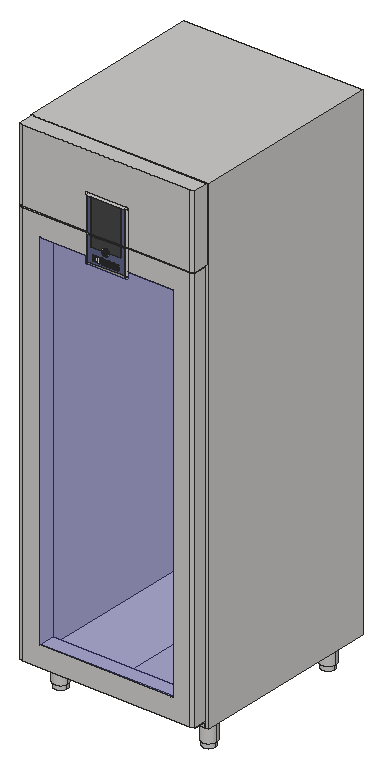
Revit family "QF_ELECTROLUXPROFESSIONAL_727964_ESP71GFC", category Specialty Equipment, Revit 2018
Family settings
  Round Connector Dimension = Use Diameter
  Part Type = Normal
  Work Plane-Based = No
  Always vertical = Yes
  Cut with Voids When Loaded = No
  Shared = No
  Room Calculation Point = No
Parameters (values of type "Standard")
  Weight = 107.00 kg
  Watts = 0 W
  Volts = 220 V
  URL Manufacturer = "http://professional.electrolux.com"
  URL = "http://professional.electrolux.com"
  Steam Supply Size = 0 mm
  Steam Supply Minimum Pressure = 0.0 Pa
  Steam Supply Maximum Pressure = 0.0 Pa
  Steam Pounds per Hour = 0
  Refrigeration Suction Line Size = 0 mm
  Refrigeration Liquid Line Size = 0 mm
  Refrigerant Compressor Remote = yes
  Manufacturer = "Electrolux Professional"
  Phase = 1
  Model = "ESP71GFC"
  Length Actual = 710 mm  # constant formula
  Item Number = "727964"
  Hot Water Size = 0 mm
  Height Actual = 2050 mm  # constant formula
  HP = "0.8 HP"
  Gas Size = 0 mm
  Gas KW = 0
  Gas Input Pressure = 0 W
  Direct Waste Size = 0 mm
  Description = "1-GLASS DOOR FREEZER 670L -20-15°C, DIGITAL-R290"
  Depth Actual = 835 mm  # constant formula
  Cycle = 50 Hz
  Condensate Return Size = 0 mm
  Compressed Air Volume = 0.0 L/s
  Compressed Air Size = 0 mm
  Compressed Air Pressure = 0.0 Pa
  Cold Water Size = 0 mm
  Accessory = yes
Reference planes
  plane 1 "Center (Front/Back)": y = 0
  plane 2: z = 0
  plane 3 "Center (Left/Right)": x = 0
  plane 4 "BASE": z = 110
  plane 5 "TOP": z = 2050
  plane 6 "FRONT": y = -417.5
  plane 7 "BACK": y = 417.5
  plane 8 "LEFT": x = -355
  plane 9 "RIGHT": x = 355
Forms (mm)
  Extrusion 1, solid, material "QF_Finishes_Stainless Steel"
    sketch origin (0, 0, 0) x (1, 0, 0) y (0, 1, 0)
      loop
        circle (-278, 344.5) r 25
      loop
        circle (278, 344.5) r 25
      loop
        circle (-295, -269.5) r 25
      loop
        circle (295, -269.5) r 25
    from 0 to 20
  Extrusion 2, solid, material "QF_Finishes_Stainless Steel"
    sketch origin (0, 0, 0) x (1, 0, 0) y (0, 1, 0)
      loop
        circle (-278, 344.5) r 30
      loop
        circle (278, 344.5) r 30
      loop
        circle (295, -269.5) r 30
      loop
        circle (-295, -269.5) r 30
    from 20 to 110
  Extrusion 3, solid, material "QF_Finishes_Stainless Steel"
    sketch origin (0, 0, 110) x (-1, 0, 0) y (0, -1, 0)
      loop
        line (355, -417.5) -> (355, 345.5) -> (-355, 345.5) -> (-355, -417.5) -> (355, -417.5)
    from 0 to 1940
  Extrusion 4, solid
    sketch origin (0, 417.5, 1660) x (-1, 0, 0) y (0, 0, 1)
      loop
        circle (339, 124) r 10
    from 0 to 3.2
  Extrusion 5, solid, material "QF_Door-Drawer Clearances", detail levels coarse
    sketch origin (0, 0, 110) x (-1, 0, 0) y (0, -1, 0)
      loop
        line (-345, 409.5) -> (-283, 409.5) -> (-283, 1006.5) -> (-301, 1006.5) -> (-301, 1024.5) -> (-323, 1024.5) -> (-323, 1062.5) -> (-345, 1062.5) -> (-345, 409.5)
    from 1642.965 to 28
  Extrusion 6, solid, material "QF_Door-Drawer Clearances", detail levels coarse
    sketch origin (0, 0, 110) x (-1, 0, 0) y (0, -1, 0)
      loop
        line (-283, 409.5) -> (347, 409.5)
        arc (347, 409.5) -> (150.684, 878.295) -> (-323, 1062.5) r 650
        line (-323, 1062.5) -> (-323, 1024.5) -> (-301, 1024.5) -> (-301, 1006.5) -> (-283, 1006.5) -> (-283, 409.5)
    from 1642.965 to 28
  Extrusion 7, solid, material "QF_Clearances", detail levels coarse
    sketch origin (0, 0, 110) x (-1, 0, 0) y (0, -1, 0)
      loop
        line (355, 417.5) -> (355, -417.5) -> (-355, -417.5) -> (-355, 417.5) -> (-375, 417.5) -> (-375, -447.5) -> (375, -447.5) -> (375, 417.5) -> (355, 417.5)
    from -110 to 1940
  Extrusion 8, solid, material "QF_Clearances", detail levels coarse
    sketch origin (0, 0, 2050) x (-1, 0, 0) y (0, -1, 0)
      loop
        line (375, -447.5) -> (375, 417.5) -> (-375, 417.5) -> (-375, -447.5) -> (375, -447.5)
    from 0 to 500
  Extrusion 9, void
    sketch origin (0, 417.5, 0) x (-1, 0, 0) y (0, 0, 1)
      loop
        line (280, 1724.965) -> (-280, 1724.965) -> (-280, 180) -> (0, 170) -> (280, 179.676) -> (280, 1724.965)
    from -56 to -763
  Extrusion 10, solid, material "QF_Finishes_Stainless Steel"
    sketch origin (0, 0, 110) x (-1, 0, 0) y (0, -1, 0)
      loop
        circle (0, 254.5) r 7.938
    from 0 to -10
Cuts and joins
  joined: Extrusion 7, Extrusion 8
  Extrusion 9 cuts Extrusion 3
Lines and regions (mm)
  symbolic lines, style "SpecialityEquipmentHiddenLines"
    curve 1: line (345, -409.5, 110) -> (345, -1062.5, 110)
    curve 2: line (345, -1062.5, 110) -> (323, -1062.5, 110)
    curve 3: line (283, -409.5, 110) -> (283, -1006.5, 110)
    curve 4: line (323, -1062.5, 110) -> (323, -1024.5, 110)
    curve 5: line (323, -1024.5, 110) -> (301, -1024.5, 110)
    curve 6: line (301, -1024.5, 110) -> (301, -1006.5, 110)
    curve 7: line (301, -1006.5, 110) -> (283, -1006.5, 110)
    curve 8: arc (-347, -409.5, 110) -> (-150.684, -878.295, 110) -> (323, -1062.5, 110) r 650
  symbolic lines, style "QF_Clearances", detail levels coarse
    curve 9: line (-355, -417.5, 2050) -> (-375, -417.5, 2050)
    curve 10: line (-375, -417.5, 2050) -> (-375, 447.5, 2050)
    curve 11: line (-375, 447.5, 2050) -> (375, 447.5, 2050)
    curve 12: line (375, 447.5, 2050) -> (375, -417.5, 2050)
    curve 13: line (375, -417.5, 2050) -> (355, -417.5, 2050)
  symbolic lines
    curve 14: line (355, 417.5, 110) -> (-355, 417.5, 110)
    curve 15: line (355, -345.5, 110) -> (355, 417.5, 110)
    curve 16: line (-355, -345.5, 110) -> (355, -345.5, 110)
    curve 17: line (-355, 417.5, 110) -> (-355, -345.5, 110)
Dimensions and locks
  equal spacing: plane 7 "BACK", plane 1 "Center (Front/Back)", plane 6 "FRONT"
  equal spacing: plane 8 "LEFT", plane 3 "Center (Left/Right)", plane 9 "RIGHT"
  plane 8 "LEFT" to plane 9 "RIGHT" = 710 mm
  plane 7 "BACK" to plane 6 "FRONT" = 835 mm
  plane 5 "TOP" to plane 2 = 2050 mm
  aligned and locked: level to plane 2
Automatic sketch dimensions
  Extrusion 3 sketch curve to plane 7 "BACK" = 0 mm
  Extrusion 3 sketch curve to plane 9 "RIGHT" = 0 mm
  Extrusion 3 sketch curve to plane 8 "LEFT" = 0 mm
  plane 8 "LEFT" to Extrusion 4 sketch curve = 16 mm
  plane 4 "BASE" to Extrusion 4 sketch curve = 1674 mm
  plane 9 "RIGHT" to Extrusion 5 sketch curve = 10 mm
  Extrusion 5 sketch curve to plane 6 "FRONT" = 589 mm
  Extrusion 5 sketch curve to Extrusion 5 sketch curve = 18 mm
  Extrusion 5 sketch curve to Extrusion 5 sketch curve = 38 mm
  plane 6 "FRONT" to Extrusion 5 sketch curve = 8 mm
  plane 6 "FRONT" to Extrusion 6 sketch curve = 4.692 mm
  Extrusion 6 sketch curve to Extrusion 6 sketch curve = 18 mm  (x2)
  Extrusion 6 sketch curve to Extrusion 6 sketch curve = 38 mm
  plane 8 "LEFT" to Extrusion 6 sketch curve = 8 mm
  plane 6 "FRONT" to Extrusion 6 sketch curve = 8 mm
  Extrusion 7 sketch curve to plane 6 "FRONT" = 0 mm  (x2)
  Extrusion 7 sketch curve to plane 7 "BACK" = 0 mm
  Extrusion 7 sketch curve to plane 9 "RIGHT" = 0 mm
  Extrusion 7 sketch curve to plane 8 "LEFT" = 0 mm
  Extrusion 7 sketch curve to plane 9 "RIGHT" = 20 mm
  Extrusion 7 sketch curve to plane 8 "LEFT" = 20 mm
  plane 7 "BACK" to Extrusion 7 sketch curve = 30 mm
  Extrusion 8 sketch curve to plane 6 "FRONT" = 0 mm
  Extrusion 8 sketch curve to plane 9 "RIGHT" = 20 mm
  Extrusion 8 sketch curve to plane 8 "LEFT" = 20 mm
  plane 7 "BACK" to Extrusion 8 sketch curve = 30 mm
  plane 8 "LEFT" to Extrusion 1 sketch curve = 60 mm
  plane 8 "LEFT" to Extrusion 1 sketch curve = 77 mm
  plane 9 "RIGHT" to Extrusion 1 sketch curve = 77 mm
  plane 9 "RIGHT" to Extrusion 1 sketch curve = 60 mm
  plane 6 "FRONT" to Extrusion 1 sketch curve = 148 mm  (x2)
  Extrusion 1 sketch curve to plane 7 "BACK" = 73 mm  (x2)
  plane 8 "LEFT" to Extrusion 2 sketch curve = 60 mm
  plane 8 "LEFT" to Extrusion 2 sketch curve = 77 mm
  plane 9 "RIGHT" to Extrusion 2 sketch curve = 77 mm
  plane 9 "RIGHT" to Extrusion 2 sketch curve = 60 mm
  plane 6 "FRONT" to Extrusion 2 sketch curve = 148 mm  (x2)
  Extrusion 2 sketch curve to plane 7 "BACK" = 73 mm  (x2)
  plane 6 "FRONT" to Extrusion 3 sketch curve = 72 mm
  plane 9 "RIGHT" to Extrusion 5 sketch curve = 32 mm
  Extrusion 5 sketch curve to Extrusion 5 sketch curve = 22 mm
  Extrusion 5 sketch curve to Extrusion 5 sketch curve = 62 mm
  plane 9 "RIGHT" to Extrusion 6 sketch curve = 72 mm
  Extrusion 6 sketch curve to Extrusion 6 sketch curve = 19.992 mm
  Extrusion 6 sketch curve to Extrusion 6 sketch curve = 22 mm
  curve 13 to plane 6 "FRONT" = 0 mm
  curve 13 to plane 9 "RIGHT" = 0 mm
  curve 9 to plane 6 "FRONT" = 0 mm
  curve 9 to plane 8 "LEFT" = 0 mm
  curve 12 to plane 9 "RIGHT" = 20 mm
  curve 9 to curve 9 = 20 mm
  plane 7 "BACK" to curve 12 = 30 mm
  Extrusion 10 sketch curve to plane 3 "Center (Left/Right)" = 0 mm
  plane 6 "FRONT" to Extrusion 10 sketch curve = 163 mm
  Extrusion 9 sketch curve to plane 3 "Center (Left/Right)" = 0 mm
  plane 8 "LEFT" to Extrusion 9 sketch curve = 75 mm
  plane 4 "BASE" to Extrusion 9 sketch curve = 60 mm
  plane 4 "BASE" to Extrusion 9 sketch curve = 69.676 mm
  Extrusion 9 sketch curve to plane 5 "TOP" = 325.035 mm
  plane 9 "RIGHT" to Extrusion 9 sketch curve = 75 mm
  Extrusion 9 sketch curve to Extrusion 9 sketch curve = 0.324 mm
  curve 15 to plane 7 "BACK" = 0 mm
  curve 15 to plane 9 "RIGHT" = 0 mm
  curve 16 to plane 8 "LEFT" = 0 mm
  plane 9 "RIGHT" to curve 2 = 10 mm
  plane 9 "RIGHT" to curve 5 = 32 mm
  plane 6 "FRONT" to curve 8 = 4.692 mm
  curve 1 to curve 8 = 42.008 mm
  curve 4 to curve 6 = 22 mm
  curve 6 to curve 7 = 18 mm
  plane 6 "FRONT" to curve 17 = 72 mm
  curve 7 to plane 6 "FRONT" = 589 mm
  curve 6 to curve 6 = 18 mm
  curve 4 to curve 2 = 38 mm
  plane 6 "FRONT" to curve 8 = 8 mm
  plane 6 "FRONT" to curve 3 = 8 mm
  plane 6 "FRONT" to curve 1 = 8 mm
  radius of Extrusion 1 sketch curve = 25 mm  (x4)
  radius of Extrusion 2 sketch curve = 30 mm  (x4)
  radius of Extrusion 4 sketch curve = 10 mm
  radius of Extrusion 10 sketch curve = 7.938 mm
Nested families
  nested 1: "QF_727964_Door" at (0, -345.5, 968.365) x (1, 0, 0) z (0, -1, 0), type "QF_727964_Door"
    with Show Clearance yes
  nested 2: "Freezer" at (355, -417.5, 110), type "Freezer"
Connectors
  electrical at (-339, 420.7, 1784), driven by "Volts"
    settings: on Extrusion 4, index 2, voltage 220 V, apparent load 0 VA, apparent load phase1 0 VA, apparent load phase2 0 VA, apparent load phase3 0 VA, power factor 1, load classification "Other", number of poles 1, system type 30, power factor state 1, is connector primary yes, connector utility no, sub classification motor no, connector description "Electrical Connection"
  piping at (0, -254.5, 100), diameter 15.875
    settings: on Extrusion 10, index 3, connector inside diameter 609.6 mm, connector length 0 mm, flow factor 0, pipe flow 0.0 L/s, pressure drop 0.0 Pa, fitting loss kfactor 0, connector angle 0.00°, fixture units 0, engagement length 0 mm, angle of deflection 0.00°, flow configuration 1, flow direction 2, fitting loss method 0, system type 16, joint type 0, gender type 0, connector reference index -1, connector utility 0, adjustable connector no, is connector primary yes, connector description "Drain"
Definition of nested family "QF_727964_Door"
  Parameters
    Show Clearance [instance] = yes
    Model = "729040"
    Default Elevation = 0 mm
  Reference planes
    plane 1 "Center (Front/Back)": y = 0
    plane 2: z = 0
    plane 3 "Center (Left/Right)": x = 0
  Forms (mm)
    Extrusion 1, solid
      sketch origin (0, -919.2, 0) x (1, 0, 0) y (0, 1, 0)
        loop
          line (-460, 2119.2) -> (-460, -162.846) -> (488.967, -162.846) -> (488.967, 2119.2) -> (-460, 2119.2)
      from 0 to -59.546
    Extrusion 2, solid
      sketch origin (0, 0, 0) x (1, 0, 0) y (0, 0, 1)
        loop
          line (-347, 60) -> (-347, 0) -> (347, 0) -> (347, 60) -> (332, 64) -> (-332, 64) -> (-347, 60)
      from -1081.6 to -791.6
    Extrusion 3, solid
      sketch origin (0, 0, 0) x (1, 0, 0) y (0, 0, 1)
        loop
          line (-347, 60) -> (-347, 26) -> (-325, 26) -> (-325, 8) -> (-307, 8) -> (-307, 0) -> (339, 0) -> (339, 8) -> (347, 8) -> (347, 60) -> (332, 64) -> (-332, 64) -> (-347, 60)
      from -784.6 to 830.4
    Extrusion 4, solid
      sketch origin (119, -516.365, 0) x (0, 1, 0) y (0, 0, 1)
        loop
          line (-323.003, 40.312) -> (-316.501, 40.312) -> (-316.501, 42.812) -> (-325.503, 42.812) -> (-325.503, 2.5) -> (-342, 2.5) -> (-342, 0) -> (-323.003, 0) -> (-323.003, 12.259) -> (-323.003, 40.312)
        loop
          line (-314, 38.311) -> (-316.501, 38.311) -> (-316.501, 14.304) -> (-319.752, 14.304) -> (-319.752, 11.804) -> (-314, 11.804) -> (-314, 38.311)
      from 185 to 220
    Extrusion 5, solid
      sketch origin (119, 469.597, 0) x (0, 1, 0) y (0, 0, 1)
        loop
          line (315.003, 27.948) -> (315.003, 2.948) -> (315.003, 0) -> (322.003, 0) -> (322.003, 2.5) -> (317.503, 2.5) -> (317.503, 27.948) -> (315.003, 27.948)
      from 185 to 220
    Extrusion 6, void
      sketch origin (0, 0, 0) x (1, 0, 0) y (0, 1, 0)
        loop
          line (267, -750.4) -> (267, 704.6) -> (-267, 704.6) -> (-267, -750.4) -> (267, -750.4)
      from 0 to 64
    Extrusion 7, solid
      sketch origin (0, 0, 0) x (1, 0, 0) y (0, 1, 0)
        loop
          line (267, 704.6) -> (-267, 704.6) -> (-267, -750.4) -> (267, -750.4) -> (267, 704.6)
      from 60 to 64
  Cuts and joins
    Extrusion 6 cuts Extrusion 3
  Lines and regions (mm)
    symbolic lines
      curve 1: line (-332, 0, 64) -> (332, 0, 64)
      curve 2: line (-347, 0, 0) -> (-347, 0, 60)
      curve 3: line (347, 0, 0) -> (-347, 0, 0)
      curve 4: line (347, 0, 60) -> (347, 0, 0)
      curve 5: line (-347, 0, 26) -> (-325, 0, 26)
      curve 6: line (-325, 0, 26) -> (-325, 0, 8)
      curve 7: line (-325, 0, 8) -> (-307, 0, 8)
      curve 8: line (-307, 0, 8) -> (-307, 0, 0)
      curve 9: line (339, 0, 8) -> (347, 0, 8)
      curve 10: line (339, 0, 8) -> (339, 0, 0)
      curve 11: line (-332, 0, 64) -> (-347, 0, 60)
      curve 12: line (332, 0, 64) -> (347, 0, 60)
  Dimensions and locks
    aligned and locked: plane 2 to Extrusion 1
    aligned and locked: level to Extrusion 1
  Nested families
    nested 1: "QF_DisplayPremiumCabinets" at (0, 803.6, 64), type "QF_DisplayPremiumCabinets"
      with Show Clearance yes
  Definition of nested family "QF_DisplayPremiumCabinets"
    Parameters
      Show Clearance [instance] = yes
      Model = "728658"
      Default Elevation = 1219.2 mm
    Reference planes
      plane 1 "Center (Front/Back)": y = 0
      plane 2: z = 0
      plane 3 "Center (Left/Right)": x = 0
    Forms (mm)
      Extrusion 1, solid
        sketch origin (0, -919.2, 0) x (1, 0, 0) y (0, 1, 0)
          loop
            line (-980.5, 2119.2) -> (-980.5, -162.846) -> (881.94, -162.846) -> (881.94, 2119.2) -> (-980.5, 2119.2)
        from 0 to -59.546
      Extrusion 2, solid
        sketch origin (-0.611, 0, 0) x (1, 0, 0) y (0, 1, 0)
          loop
            circle (0.611, -59) r 14
        from 5 to 7
      Extrusion 3, solid
        sketch origin (364.889, -803.635, 0) x (1, 0, 0) y (0, 1, 0)
          loop
            circle (-364.889, 744.635) r 10
          loop
            circle (-364.889, 744.635) r 9
        from 5 to 8
      Extrusion 4, solid
        sketch origin (364.889, -803.635, 0) x (1, 0, 0) y (0, 1, 0)
          loop
            circle (-364.889, 744.635) r 8.7
        from 5 to 8
      Extrusion 5, void
        sketch origin (-744.647, -424.488, 0) x (0, -1, 0) y (1, 0, 0)
          loop
            line (-372.339, 745.885) -> (-372.339, 743.385) -> (-362.339, 743.385) -> (-362.339, 745.885) -> (-372.339, 745.885)
        from 8.592 to 6.269
      Extrusion 6, solid
        sketch origin (365.5, -803.635, 0) x (1, 0, 0) y (0, 1, 0)
          loop
            line (-380.472, 718.596) -> (-387.909, 718.596) -> (-387.909, 709.937)
            arc (-387.909, 709.937) -> (-386.93, 707.574) -> (-384.567, 706.595) r 3.341
            line (-384.567, 706.595) -> (-380.329, 706.595) -> (-380.329, 708.538) -> (-384.084, 708.538)
            arc (-384.084, 708.538) -> (-385.317, 708.955) -> (-385.843, 710.147) r 1.615
            line (-385.843, 710.147) -> (-385.843, 711.864) -> (-380.794, 711.864) -> (-380.794, 713.813) -> (-385.843, 713.813) -> (-385.843, 716.652) -> (-380.472, 716.652) -> (-380.472, 718.596)
          loop
            line (-378.861, 718.596) -> (-378.861, 706.595) -> (-376.794, 706.595) -> (-376.794, 718.596) -> (-378.861, 718.596)
          loop
            line (-333.968, 718.596) -> (-333.968, 706.595) -> (-331.9, 706.595) -> (-331.9, 718.596) -> (-333.968, 718.596)
          loop
            line (-373.376, 710.427) -> (-366.593, 710.427)
            arc (-366.593, 710.427) -> (-367.654, 714.154) -> (-371.282, 715.512) r 4.298
            arc (-371.282, 715.512) -> (-374.477, 713.892) -> (-375.389, 710.427) r 4.373
            arc (-375.389, 710.427) -> (-374.189, 707.53) -> (-371.292, 706.33) r 4.097
            arc (-371.292, 706.33) -> (-369.037, 706.663) -> (-367.147, 707.936) r 5.15
            line (-367.147, 707.936) -> (-368.371, 709.16)
            arc (-368.371, 709.16) -> (-369.978, 708.196) -> (-371.846, 708.358) r 3.039
            arc (-371.846, 708.358) -> (-372.985, 709.116) -> (-373.376, 710.427) r 2.013
          loop
            line (-373.324, 711.881) -> (-368.669, 711.881)
            arc (-368.669, 711.881) -> (-369.323, 713.255) -> (-370.758, 713.761) r 1.983
            arc (-370.758, 713.761) -> (-372.414, 713.33) -> (-373.324, 711.881) r 2.321
          loop
            line (-358.536, 712.746) -> (-357.238, 714.044)
            arc (-357.238, 714.044) -> (-358.865, 715.222) -> (-360.843, 715.574) r 4.497
            arc (-360.843, 715.574) -> (-363.86, 714.472) -> (-365.443, 711.677) r 4.652
            arc (-365.443, 711.677) -> (-362.774, 706.778) -> (-357.311, 707.907) r 4.684
            line (-357.311, 707.907) -> (-358.602, 709.198)
            arc (-358.602, 709.198) -> (-361.388, 708.276) -> (-363.383, 710.427) r 2.714
            arc (-363.383, 710.427) -> (-363.244, 712.128) -> (-362.073, 713.37) r 2.578
            arc (-362.073, 713.37) -> (-360.199, 713.656) -> (-358.536, 712.746) r 2.961
          loop
            line (-355.968, 718.596) -> (-355.968, 710.395)
            arc (-355.968, 710.395) -> (-355.789, 709.165) -> (-355.329, 708.01) r 5.301
            arc (-355.329, 708.01) -> (-353.854, 706.837) -> (-351.985, 706.59) r 3.531
            line (-351.985, 706.59) -> (-351.985, 708.527)
            arc (-351.985, 708.527) -> (-352.541, 708.569) -> (-353.059, 708.774) r 1.862
            arc (-353.059, 708.774) -> (-353.723, 709.477) -> (-353.901, 710.427) r 1.713
            line (-353.901, 710.427) -> (-353.901, 713.397) -> (-352.024, 713.397) -> (-352.024, 715.275) -> (-353.901, 715.275) -> (-353.901, 718.596) -> (-355.968, 718.596)
          loop
            arc (-348.234, 711.158) -> (-348.087, 712.023) -> (-347.66, 712.79) r 2.607
            arc (-347.66, 712.79) -> (-346.422, 713.426) -> (-345.031, 713.397) r 2.84
            line (-345.031, 713.397) -> (-345.031, 715.383)
            arc (-345.031, 715.383) -> (-346.848, 715.212) -> (-348.234, 714.023) r 3.016
            line (-348.234, 714.023) -> (-348.234, 715.275) -> (-350.285, 715.275) -> (-350.285, 706.595) -> (-348.234, 706.595) -> (-348.234, 711.158)
          loop
            circle (-339.976, 710.933) r 4.599
          loop
            circle (-339.976, 710.933) r 2.787
          loop
            arc (-324.445, 710.21) -> (-324.956, 708.807) -> (-326.34, 708.247) r 1.835
            arc (-326.34, 708.247) -> (-327.725, 708.807) -> (-328.235, 710.21) r 1.835
            line (-328.235, 710.21) -> (-328.235, 715.274) -> (-330.32, 715.274) -> (-330.32, 710.038)
            arc (-330.32, 710.038) -> (-329.133, 707.334) -> (-326.34, 706.376) r 3.675
            arc (-326.34, 706.376) -> (-323.516, 707.363) -> (-322.362, 710.123) r 3.675
            line (-322.362, 710.123) -> (-322.362, 715.274) -> (-324.445, 715.274) -> (-324.445, 710.21)
          loop
            line (-321.112, 715.274) -> (-318.111, 711.199) -> (-321.409, 706.592) -> (-319.186, 706.592) -> (-316.998, 709.65) -> (-314.777, 706.592) -> (-312.569, 706.592) -> (-315.82, 711.246) -> (-312.847, 715.274) -> (-315.103, 715.274) -> (-317.005, 712.698) -> (-318.877, 715.274) -> (-321.112, 715.274)
          loop
            line (-386.746, 701.621) -> (-388.394, 701.621) -> (-388.394, 697.47) -> (-387.492, 697.47) -> (-387.492, 698.9) -> (-386.495, 698.9)
            arc (-386.495, 698.9) -> (-385.38, 700.375) -> (-386.746, 701.621) r 1.372
          loop
            arc (-386.535, 699.715) -> (-386.193, 700.249) -> (-386.535, 700.782) r 0.587
            line (-386.535, 700.782) -> (-387.492, 700.782) -> (-387.492, 699.715) -> (-386.535, 699.715)
          loop
            line (-380.234, 701.621) -> (-381.911, 701.621) -> (-381.911, 697.47) -> (-381.009, 697.47) -> (-381.009, 698.9) -> (-380.136, 698.9) -> (-379.539, 697.47) -> (-378.571, 697.47) -> (-379.387, 699.22)
            arc (-379.387, 699.22) -> (-378.996, 699.688) -> (-378.865, 700.283) r 1.281
            arc (-378.865, 700.283) -> (-379.277, 701.231) -> (-380.234, 701.621) r 1.37
          loop
            line (-381.009, 700.782) -> (-381.009, 699.715) -> (-380.051, 699.715)
            arc (-380.051, 699.715) -> (-379.71, 700.249) -> (-380.051, 700.782) r 0.587
            line (-380.051, 700.782) -> (-381.009, 700.782)
          loop
            circle (-373.272, 699.545) r 2.156
          loop
            circle (-373.272, 699.545) r 1.368
          loop
            line (-367.574, 701.62) -> (-367.574, 697.47) -> (-366.694, 697.47) -> (-366.694, 698.921) -> (-365.132, 698.921) -> (-365.132, 699.851) -> (-366.694, 699.851) -> (-366.694, 700.726) -> (-364.982, 700.726) -> (-364.982, 701.62) -> (-367.574, 701.62)
          loop
            line (-361.482, 701.62) -> (-361.482, 698.818)
            arc (-361.482, 698.818) -> (-361.1, 697.869) -> (-360.155, 697.474) r 1.327
            line (-360.155, 697.474) -> (-358.815, 697.474) -> (-358.815, 698.258) -> (-360.075, 698.258)
            arc (-360.075, 698.258) -> (-360.538, 698.641) -> (-360.629, 699.236) r 0.845
            line (-360.629, 699.236) -> (-358.971, 699.236) -> (-358.971, 700.02) -> (-360.629, 700.02) -> (-360.629, 700.837) -> (-358.856, 700.837) -> (-358.856, 701.62) -> (-361.482, 701.62)
          loop
            arc (-346.454, 701.095) -> (-347.003, 701.546) -> (-347.7, 701.689) r 1.485
            arc (-347.7, 701.689) -> (-348.343, 701.532) -> (-348.871, 701.133) r 1.645
            arc (-348.871, 701.133) -> (-348.969, 700.191) -> (-348.361, 699.464) r 1.217
            arc (-348.361, 699.464) -> (-347.85, 699.293) -> (-347.365, 699.059) r 4.201
            arc (-347.365, 699.059) -> (-347.058, 698.698) -> (-347.27, 698.274) r 0.43
            arc (-347.27, 698.274) -> (-347.662, 698.182) -> (-348.052, 698.281) r 0.846
            arc (-348.052, 698.281) -> (-348.389, 698.524) -> (-348.596, 698.885) r 0.983
            line (-348.596, 698.885) -> (-349.322, 698.546)
            arc (-349.322, 698.546) -> (-349.06, 698.042) -> (-348.639, 697.661) r 1.595
            arc (-348.639, 697.661) -> (-348.161, 697.457) -> (-347.644, 697.405) r 1.719
            arc (-347.644, 697.405) -> (-347.004, 697.532) -> (-346.428, 697.838) r 2.246
            arc (-346.428, 697.838) -> (-346.174, 698.515) -> (-346.305, 699.225) r 1.349
            arc (-346.305, 699.225) -> (-346.589, 699.553) -> (-346.952, 699.79) r 1.564
            arc (-346.952, 699.79) -> (-347.411, 699.994) -> (-347.881, 700.171) r 8.236
            arc (-347.881, 700.171) -> (-348.153, 700.593) -> (-347.76, 700.907) r 0.375
            arc (-347.76, 700.907) -> (-347.29, 700.794) -> (-346.928, 700.472) r 0.998
            line (-346.928, 700.472) -> (-346.454, 701.095)
          loop
            line (-342.646, 701.62) -> (-342.646, 697.474) -> (-341.794, 697.474) -> (-341.794, 701.62) -> (-342.646, 701.62)
          loop
            circle (-336.044, 699.547) r 1.29
          loop
            circle (-336.044, 699.547) r 2.154
          loop
            line (-330.323, 697.474) -> (-329.462, 697.474) -> (-329.462, 700.081) -> (-327.564, 697.474) -> (-326.736, 697.474) -> (-326.736, 701.62) -> (-327.597, 701.62) -> (-327.597, 698.934) -> (-329.494, 701.62) -> (-330.323, 701.62) -> (-330.323, 697.474)
          loop
            line (-322.436, 697.474) -> (-322.032, 698.368) -> (-320.498, 698.368) -> (-320.094, 697.474) -> (-319.178, 697.474) -> (-320.929, 701.62) -> (-321.729, 701.62) -> (-323.352, 697.474) -> (-322.436, 697.474)
          loop
            line (-320.881, 699.219) -> (-321.292, 700.13) -> (-321.691, 699.219) -> (-320.881, 699.219)
          loop
            line (-314.942, 698.258) -> (-314.942, 701.62) -> (-315.795, 701.62) -> (-315.795, 697.474) -> (-313.347, 697.474) -> (-313.347, 698.258) -> (-314.942, 698.258)
          loop
            arc (-352.671, 701.095) -> (-353.221, 701.546) -> (-353.917, 701.689) r 1.485
            arc (-353.917, 701.689) -> (-354.56, 701.532) -> (-355.089, 701.133) r 1.645
            arc (-355.089, 701.133) -> (-355.186, 700.191) -> (-354.579, 699.464) r 1.217
            arc (-354.579, 699.464) -> (-354.067, 699.293) -> (-353.582, 699.059) r 4.201
            arc (-353.582, 699.059) -> (-353.276, 698.698) -> (-353.487, 698.274) r 0.43
            arc (-353.487, 698.274) -> (-353.879, 698.182) -> (-354.269, 698.281) r 0.846
            arc (-354.269, 698.281) -> (-354.607, 698.524) -> (-354.813, 698.885) r 0.983
            line (-354.813, 698.885) -> (-355.539, 698.546)
            arc (-355.539, 698.546) -> (-355.278, 698.042) -> (-354.856, 697.661) r 1.595
            arc (-354.856, 697.661) -> (-354.378, 697.457) -> (-353.861, 697.405) r 1.719
            arc (-353.861, 697.405) -> (-353.222, 697.532) -> (-352.646, 697.838) r 2.246
            arc (-352.646, 697.838) -> (-352.391, 698.515) -> (-352.523, 699.225) r 1.349
            arc (-352.523, 699.225) -> (-352.806, 699.553) -> (-353.169, 699.79) r 1.564
            arc (-353.169, 699.79) -> (-353.628, 699.994) -> (-354.099, 700.171) r 8.236
            arc (-354.099, 700.171) -> (-354.37, 700.593) -> (-353.978, 700.907) r 0.375
            arc (-353.978, 700.907) -> (-353.507, 700.794) -> (-353.145, 700.472) r 0.998
            line (-353.145, 700.472) -> (-352.671, 701.095)
          loop
            line (-402.895, 718.39) -> (-402.895, 698.596)
            arc (-402.895, 698.596) -> (-395.578, 708.493) -> (-402.895, 718.39) r 10.352
          loop
            arc (-403.902, 718.39) -> (-412.134, 716.519) -> (-416.1, 709.067) r 10.145
            line (-416.1, 709.067) -> (-412.825, 709.067)
            arc (-412.825, 709.067) -> (-406.975, 711.441) -> (-403.902, 716.957) r 9.509
            line (-403.902, 716.957) -> (-403.902, 718.39)
          loop
            arc (-403.902, 700.029) -> (-406.975, 705.544) -> (-412.825, 707.919) r 9.509
            line (-412.825, 707.919) -> (-416.1, 707.919)
            arc (-416.1, 707.919) -> (-412.141, 700.405) -> (-403.902, 698.341) r 10.411
            line (-403.902, 698.341) -> (-403.902, 700.029)
          loop
            line (-416.852, 719.47) -> (-416.852, 697.47) -> (-394.822, 697.47) -> (-394.822, 719.47) -> (-416.852, 719.47)
        from 3 to 5.5
      Blend 7, solid
        base sketch origin (365.5, -803.635, 0) x (1, 0, 0) y (0, 1, 0)
          loop
            line (-439.797, 784.635) -> (-439.797, 685.635) -> (-291.203, 685.635) -> (-291.203, 784.635) -> (-439.797, 784.635)
        top sketch origin (365.5, -803.635, 0) x (1, 0, 0) y (0, 1, 0)
          loop
            line (-449.797, 784.635) -> (-449.797, 683.635)
            arc (-449.797, 683.635) -> (-447.454, 677.978) -> (-441.797, 675.635) r 8
            line (-441.797, 675.635) -> (-289.203, 675.635)
            arc (-289.203, 675.635) -> (-283.546, 677.978) -> (-281.203, 683.635) r 8
            line (-281.203, 683.635) -> (-281.203, 784.635) -> (-449.797, 784.635)
        from 5 to 0
      Blend 8, solid
        base sketch origin (365.5, -803.635, 0) x (1, 0, 0) y (0, 1, 0)
          loop
            line (-439.797, 791.635) -> (-291.203, 791.635) -> (-291.203, 921.635) -> (-439.797, 921.635) -> (-439.797, 791.635)
        top sketch origin (365.5, -803.635, 0) x (1, 0, 0) y (0, 1, 0)
          loop
            line (-281.203, 791.635) -> (-281.203, 923.635)
            arc (-281.203, 923.635) -> (-283.546, 929.291) -> (-289.203, 931.635) r 8
            line (-289.203, 931.635) -> (-441.797, 931.635)
            arc (-441.797, 931.635) -> (-447.454, 929.291) -> (-449.797, 923.635) r 8
            line (-449.797, 923.635) -> (-449.797, 791.635) -> (-281.203, 791.635)
        from 5 to 0
      Extrusion 9, solid
        sketch origin (-744.647, -424.488, 0) x (0, -1, 0) y (1, 0, 0)
          loop
            line (-372.339, 745.885) -> (-372.339, 743.385) -> (-362.339, 743.385) -> (-362.339, 745.885) -> (-372.339, 745.885)
        from 6 to 8
      Extrusion 10, solid
        sketch origin (0, 0, 0) x (1, 0, 0) y (0, 1, 0)
          loop
            line (-74.297, 118) -> (-74.297, -12) -> (-58.5, -12) -> (-58.5, 118) -> (-74.297, 118)
          loop
            line (74.297, -12) -> (74.297, 118) -> (58.5, 118) -> (58.5, -12) -> (74.297, -12)
        from 0 to 5
      Extrusion 11, solid
        sketch origin (0, 0, 0) x (1, 0, 0) y (0, 1, 0)
          loop
            line (-74.297, -118) -> (74.297, -118) -> (74.297, -19) -> (58.5, -19) -> (58.5, -58.988) -> (-58.5, -58.988) -> (-58.5, -19) -> (-74.297, -19) -> (-74.297, -118)
        from 0 to 5
      Extrusion 12, solid
        sketch origin (0, 0, 0) x (1, 0, 0) y (0, 1, 0)
          loop
            line (-58.5, -12) -> (58.5, -12) -> (58.5, 118) -> (-58.5, 118) -> (-58.5, -12)
          loop
            line (58.5, -19) -> (-58.5, -19) -> (-58.5, -58.988) -> (58.5, -58.988) -> (58.5, -19)
        from 0 to 5
      Extrusion 13, void
        sketch origin (0, 0, 0) x (1, 0, 0) y (0, 1, 0)
          loop
            line (-74.297, 118) -> (-74.297, -12) -> (74.297, -12) -> (74.297, 118) -> (-74.297, 118)
          loop
            line (74.297, -118) -> (74.297, -19) -> (-74.297, -19) -> (-74.297, -118) -> (74.297, -118)
        from 0 to 5
    Cuts and joins
      Extrusion 5, Extrusion 13 cuts Extrusion 4
      Extrusion 13 cuts Extrusion 6
      Extrusion 13 cuts Extrusion 2
      Extrusion 13 cuts Extrusion 3
      Extrusion 13 cuts Blend 7
      Extrusion 13 cuts Blend 8
      Extrusion 13 cuts Extrusion 9
    Lines and regions (mm)
      symbolic lines
        curve 1: line (10.611, 0, 8) -> (-9.389, 0, 8)
        curve 2: line (-84.297, 0, 0) -> (-74.297, 0, 5)
        curve 3: line (-74.297, 0, 5) -> (74.297, 0, 5)
        curve 4: line (74.297, 0, 5) -> (84.297, 0, 0)
        curve 5: line (-13.389, 0, 5) -> (-13.389, 0, 7)
        curve 6: line (-13.389, 0, 7) -> (14.611, 0, 7)
        curve 7: line (14.611, 0, 7) -> (14.611, 0, 5)
        curve 8: line (10.611, 0, 7) -> (10.611, 0, 8)
        curve 9: line (-9.389, 0, 7) -> (-9.389, 0, 8)
    Dimensions and locks
      aligned and locked: plane 2 to Extrusion 1
      aligned and locked: level to Extrusion 1
Definition of nested family "Freezer"
  Reference planes
    plane 1 "Center (Front/Back)": y = 0
    plane 2: z = 0
    plane 3 "Center (Left/Right)": x = 0
  Lines and regions (mm)
    detail lines, in view "Ref. Level"
      curve 1: spline (-500, 190, 0) -> (-493.185, 166.706, 0) -> (-473.205, 145, 0) -> (-441.421, 126.36, 0) -> (-400, 112.058, 0) -> (-351.764, 103.067, 0) -> (-300, 100, 0) -> (-248.236, 103.067, 0) -> (-200, 112.058, 0) -> (-158.579, 126.36, 0) -> (-126.795, 145, 0) -> (-106.815, 166.706, 0) -> (-100, 190, 0) -> (-106.815, 213.294, 0) -> (-126.795, 235, 0) -> (-158.579, 253.64, 0) -> (-200, 267.942, 0) -> (-248.236, 276.933, 0) -> (-300, 280, 0) -> (-351.764, 276.933, 0) -> (-400, 267.942, 0) -> (-441.421, 253.64, 0) -> (-473.205, 235, 0) -> (-493.185, 213.294, 0) -> (-500, 190, 0)
      curve 2: line (-220, 130, 0) -> (-220, 250, 0)
      curve 3: line (-271.962, 220, 0) -> (-168.038, 160, 0)
      curve 4: line (-271.962, 160, 0) -> (-168.038, 220, 0)
      curve 5: line (-200.884, 246.873, 0) -> (-220, 225, 0)
      curve 6: line (-220, 225, 0) -> (-239.116, 246.873, 0)
      curve 7: line (-250.311, 207.5, 0) -> (-260, 235.883, 0)
      curve 8: line (-279.736, 201.7, 0) -> (-250.311, 207.5, 0)
      curve 9: line (-250.311, 172.5, 0) -> (-279.736, 178.3, 0)
      curve 10: line (-260, 144.117, 0) -> (-250.311, 172.5, 0)
      curve 11: line (-220, 155, 0) -> (-239.116, 133.127, 0)
      curve 12: line (-200.884, 133.127, 0) -> (-220, 155, 0)
      curve 13: line (-189.689, 172.5, 0) -> (-180.304, 145.008, 0)
      curve 14: line (-161.188, 178.118, 0) -> (-189.689, 172.5, 0)
      curve 15: line (-189.689, 207.5, 0) -> (-161.188, 201.882, 0)
      curve 16: line (-180.304, 234.992, 0) -> (-189.689, 207.5, 0)
      curve 17: line (-380, 130, 0) -> (-380, 250, 0)
      curve 18: line (-431.962, 220, 0) -> (-328.038, 160, 0)
      curve 19: line (-431.962, 160, 0) -> (-328.038, 220, 0)
      curve 20: line (-360.884, 246.873, 0) -> (-380, 225, 0)
      curve 21: line (-380, 225, 0) -> (-399.116, 246.873, 0)
      curve 22: line (-410.311, 207.5, 0) -> (-419.696, 234.992, 0)
      curve 23: line (-438.812, 201.882, 0) -> (-410.311, 207.5, 0)
      curve 24: line (-410.311, 172.5, 0) -> (-438.812, 178.118, 0)
      curve 25: line (-419.696, 145.008, 0) -> (-410.311, 172.5, 0)
      curve 26: line (-380, 155, 0) -> (-399.116, 133.127, 0)
      curve 27: line (-360.884, 133.127, 0) -> (-380, 155, 0)
      curve 28: line (-349.689, 172.5, 0) -> (-340, 144.117, 0)
      curve 29: line (-320.264, 178.3, 0) -> (-349.689, 172.5, 0)
      curve 30: line (-349.689, 207.5, 0) -> (-320.264, 201.7, 0)
      curve 31: line (-340, 235.883, 0) -> (-349.689, 207.5, 0)
